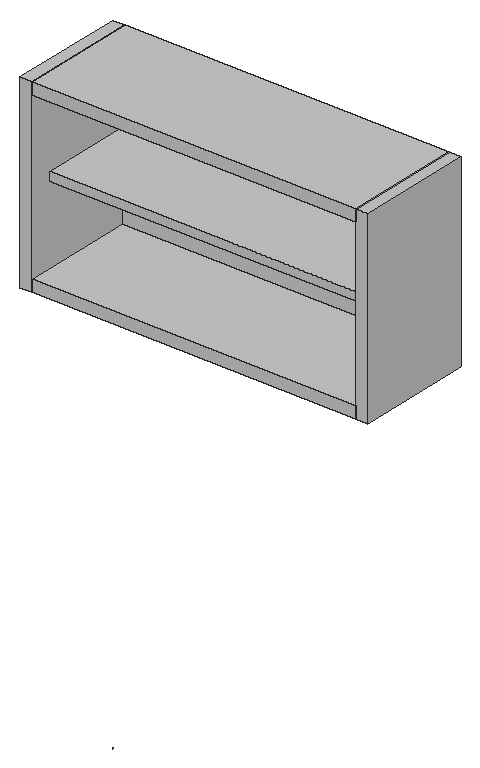
Revit family "QF_ELECTROLUXPROFESSIONAL_133257_PA1200LCN", category Attrezzature speciali, Revit 2020
Family settings
  Quota connettore circolare = Usa diametro
  Tipo di parte = Normale
  Basato su piano di lavoro = No
  Sempre verticale = Sì
  Taglio con vuoti quando caricato = No
  Condiviso = No
  Punto di calcolo locali = No
Parameters (values of type "Standard")
  Weight = 21.00 kg
  Watts = 0 W
  Volts = 0 V
  URL Manufacturer = "https://www.electroluxprofessional.com/"
  URL = "https://www.electroluxprofessional.com/"
  Steam Supply Size = 0 mm
  Steam Supply Minimum Pressure = 0.0 Pa
  Steam Supply Maximum Pressure = 0.0 Pa
  Steam Consumption per Hour = 0
  Refrigeration Suction Line Size = 0.0 mm
  Refrigeration Liquid Line Size = 0.0 mm
  Refrigerant Compressor Remote = yes
  Prospetto di default = 0.0 mm
  Phase = 0
  Modello = "PA1200LCN"
  Produttore = "Electrolux Professional"
  Length Actual = 1200.0 mm  # constant formula
  Item Number = "133257"
  Hot Water Size = 0 mm
  Height Actual = 650.0 mm  # constant formula
  HP = "0 HP"
  Gas Size = 0 mm
  Gas KW = 0
  Gas Input Pressure = 0 W
  Direct Waste Size = 0 mm
  Descrizione = "OPEN WALL CUPBOARD 1200 MM"
  Depth Actual = 400.0 mm  # constant formula
  Cycle = 0 Hz
  Condensate Return Size = 0 mm
  Compressed Air Volume = 0.0 L/s
  Compressed Air Size = 0 mm
  Compressed Air Pressure = 0.0 Pa
  Cold Water Size = 0 mm
  Accessory = yes
Reference planes
  plane 1 "Center (Front/Back)": y = 0
  plane 2: z = 0
  plane 3 "Center (Left/Right)": x = -300
  plane 4 "LEFT": x = -900
  plane 5 "RIGHT": x = 300
  plane 6 "BACK": y = 200
  plane 7 "FRONT": y = -200
  plane 8 "Base": z = 2250
  plane 9 "BASE": z = 1600
  plane 10: x = -860
  plane 11: x = 260
  plane 12: y = -197
  plane 13: y = 150
  plane 14: y = 190
  plane 15 "Ripiano": z = 1910
  plane 16: z = 1940
Forms (mm)
  Extrusion 1, solid, material "QF_Finishes_Stainless Steel"
    sketch origin (0, 0, 1600) x (-1, 0, 0) y (0, -1, 0)
      loop
        line (900, -200) -> (900, 200) -> (860, 200) -> (860, -200) -> (900, -200)
      loop
        line (-260, -200) -> (-260, 200) -> (-300, 200) -> (-300, -200) -> (-260, -200)
    from 0 to 650
  Extrusion 2, solid, material "QF_Finishes_Stainless Steel"
    sketch origin (0, 0, 1600) x (-1, 0, 0) y (0, -1, 0)
      loop
        line (860, -200) -> (860, 200) -> (-260, 200) -> (-260, -200) -> (860, -200)
    from 0 to 40
  Extrusion 3, solid, material "QF_Finishes_Stainless Steel"
    sketch origin (0, 0, 0) x (1, 0, 0) y (0, 1, 0)
      loop
        line (-860, -200) -> (260, -200) -> (260, 200) -> (-860, 200) -> (-860, -200)
    from 2210 to 2250
  Extrusion 4, solid, material "QF_Finishes_Stainless Steel"
    sketch origin (0, 0, 0) x (1, 0, 0) y (0, 1, 0)
      loop
        line (-900, 200) -> (-900, 199) -> (-899, 199) -> (-899, 200) -> (-900, 200)
    from 0 to 1
  Extrusion 5, solid, material "QF_Finishes_Stainless Steel"
    sketch origin (0, 0, 1910) x (-1, 0, 0) y (0, -1, 0)
      loop
        line (860, -190) -> (860, 124.1) -> (-260, 124.1) -> (-260, -190) -> (860, -190)
    from 0 to 30
  Extrusion 6, solid, material "QF_Finishes_Stainless Steel"
    sketch origin (0, 0, 1910) x (-1, 0, 0) y (0, -1, 0)
      loop
        line (860, -200) -> (860, -190) -> (-260, -190) -> (-260, -200) -> (860, -200)
    from -270 to 300
Lines and regions (mm)
  symbolic lines
    curve 1: line (300, 200, 0) -> (-900, -200, 0)
    curve 2: line (-900, 200, 0) -> (300, 200, 0)
    curve 3: line (-900, -200, 0) -> (-900, 200, 0)
    curve 4: line (300, -200, 0) -> (-900, -200, 0)
    curve 5: line (300, 200, 0) -> (300, -200, 0)
  symbolic lines, style "SpecialityEquipmentHiddenLines"
    curve 6: line (-860, -124.1, 1910) -> (260, -124.1, 1910)
    curve 7: line (260, -200, 1910) -> (260, 190, 1910)
    curve 8: line (260, 190, 1910) -> (-860, 190, 1910)
    curve 9: line (-860, 190, 1910) -> (-860, -200, 1910)
Dimensions and locks
  plane 4 "LEFT" to plane 5 "RIGHT" = 1200.0 mm
  equal spacing: plane 4 "LEFT", plane 3 "Center (Left/Right)", plane 5 "RIGHT"
  plane 6 "BACK" to plane 7 "FRONT" = 400.0 mm
  equal spacing: plane 6 "BACK", plane 1 "Center (Front/Back)", plane 7 "FRONT"
  plane 9 "BASE" to level = 1600.0 mm
  locked: plane 4 "LEFT" to plane 10 at 40
  locked: plane 11 to plane 5 "RIGHT" at 40
  plane 12 to plane 7 "FRONT" = 3.0 mm
  plane 6 "BACK" to plane 13 = 50.0 mm
  locked: plane 8 "Base" to plane 9 "BASE" at 650
  locked: plane 15 "Ripiano" to plane 9 "BASE" at 310
  locked: plane 16 to plane 15 "Ripiano" at 30
  aligned and locked: level to plane 2
  aligned and locked: plane 8 "Base" to Extrusion 1
  aligned and locked: plane 6 "BACK" to Extrusion 1 sketch curve
  aligned and locked: Extrusion 1 sketch curve to plane 6 "BACK"
  aligned and locked: plane 7 "FRONT" to Extrusion 1 sketch curve
  aligned and locked: Extrusion 1 sketch curve to plane 7 "FRONT"
  aligned and locked: plane 10 to Extrusion 1
  aligned and locked: Extrusion 1 to plane 11
  aligned and locked: Extrusion 2 to plane 10
  aligned and locked: plane 11 to Extrusion 2
  aligned and locked: plane 8 "Base" to Extrusion 3
  aligned and locked: Extrusion 3 to plane 7 "FRONT"
  aligned and locked: Extrusion 2 to plane 7 "FRONT"
Automatic sketch dimensions
  Extrusion 1 sketch curve to plane 5 "RIGHT" = 0.0 mm
  Extrusion 1 sketch curve to plane 11 = 0.0 mm
  Extrusion 1 sketch curve to plane 10 = 0.0 mm
  Extrusion 1 sketch curve to plane 4 "LEFT" = 0.0 mm
  Extrusion 2 sketch curve to plane 11 = 0.0 mm
  Extrusion 2 sketch curve to plane 10 = 0.0 mm
  Extrusion 2 sketch curve to plane 13 = 50.0 mm
  Extrusion 2 sketch curve to plane 12 = 3.0 mm
  Extrusion 3 sketch curve to plane 10 = 0.0 mm
  Extrusion 3 sketch curve to plane 11 = 0.0 mm
  Extrusion 3 sketch curve to plane 12 = 3.0 mm
  Extrusion 3 sketch curve to plane 14 = 10.0 mm
  Extrusion 4 sketch curve to plane 6 "BACK" = 0.0 mm
  Extrusion 4 sketch curve to plane 4 "LEFT" = 0.0 mm
  plane 4 "LEFT" to Extrusion 4 sketch curve = 1.0 mm
  Extrusion 4 sketch curve to plane 6 "BACK" = 1.0 mm
  curve 4 to plane 4 "LEFT" = 0.0 mm
  curve 5 to plane 5 "RIGHT" = 0.0 mm
  Extrusion 5 sketch curve to plane 11 = 0.0 mm
  Extrusion 5 sketch curve to plane 10 = 0.0 mm
  plane 14 to Extrusion 5 sketch curve = 0.0 mm
  plane 12 to Extrusion 5 sketch curve = 72.9 mm
  Extrusion 6 sketch curve to plane 6 "BACK" = 0.0 mm
  Extrusion 6 sketch curve to plane 11 = 0.0 mm
  Extrusion 6 sketch curve to plane 10 = 0.0 mm
  plane 14 to Extrusion 6 sketch curve = 0.0 mm
  curve 1 to plane 7 "FRONT" = 0.0 mm
  curve 3 to plane 6 "BACK" = 0.0 mm
  curve 6 to plane 11 = 0.0 mm
  curve 6 to plane 10 = 0.0 mm
  plane 14 to curve 9 = 0.0 mm
  curve 9 to plane 7 "FRONT" = 0.0 mm
  curve 7 to plane 7 "FRONT" = 0.0 mm
  plane 12 to curve 6 = 72.9 mm
